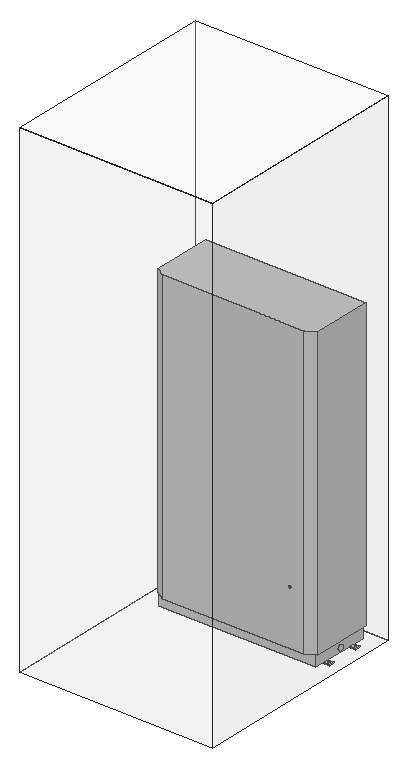
Revit family "pf-rp224_280ea5_60Hz", category 機械設備, Revit 2019
Family settings
  丸型コネクタ寸法 = 直径を使用
  パーツ タイプ = 標準
  OmniClass 番号 = 23.75.10.24.21.27.27
  OmniClass タイトル = Split System Air Conditioning Units
  作業面ベース = いいえ
  常に垂直 = はい
  ロード時にボイドで切り取り = いいえ
  共有 = いいえ
  部屋計算ポイント = いいえ
Parameters (values of type "PF-RP224EA5_60Hz")
  騒音レベル（静）(dB) = 65
  騒音レベル（強）(dB) = 68
  騒音レベル（弱）(dB) = 66
  騒音レベル（中）(dB) = 67
  風量（静）（m3／min） = 42
  風量（弱）（m3／min） = 46
  風量（中）（m3／min） = 49
  風量（m3／min） = 53
  風量 = MAX風量  # 3180.0 m³/h
  音響パワーレベル(dB) = 68
  電源種別 = ""
  電圧_電気ヒーター = 0 V
  電圧 = 200 V
  電動機出力_送風機 = 0.375 kW
  電動機出力_圧縮機 = 0 kW
  運転質量 = 0.00 kg
  連動 = ""
  質量 = if(製品質量 > 運転質量, 製品質量, 運転質量) * 1.2  # 120.00 kg
  負荷分類 = 3_ファン類
  説明 = "店舗・事務所用パッケージエアコン(Mr.SLIM) 床置形"
  設計暖房能力 [instance] = 0 kW
  設計冷房能力_顕熱 [instance] = 0 kW
  設計冷房能力 [instance] = 0 kW
  設置方法 = "床置形"
  記号 [instance] = ""
  製造元 = "三菱電機株式会社"
  製品質量 = 100.00 kg
  製品出荷対象 = "国内"
  製品リリース年月 = "2025/5/12"
  製品グループ = ""
  系統 [instance] = ""
  符号 = "PAC-FRV(J)"
  積算_科目 = "1 空気調和設備"
  積算_拾い区分 [instance] = ""
  相_電気ヒーター = 1
  相 = 1
  盤記号 [instance] = ""
  発停方法 = ""
  特殊仕様 [instance] = ""
  火災停止 = ""
  消費電力_電気ヒーター = 0 kW
  消費電力_暖房 = 0.3 kW
  消費電力_加湿器 = 0 kW
  消費電力_冷房 = 0.3 kW
  消費電力 = if(消費電力_冷房 > 消費電力_暖房, 消費電力_冷房, 消費電力_暖房) + 消費電力_加湿器 + 消費電力_電気ヒーター  # 0.3 kW
  法定耐用年数 = "15"
  機械基礎質量 [instance] = 0.00 kg
  機械基礎_W = 0 mm
  機械基礎_H = 0 mm
  機械基礎_D = 0 mm
  機械基礎 [instance] = no
  機外静圧 = 0.0 Pa
  極数 = 3
  材質 [instance] = ""
  本体マテリアル = none
  有効加湿量 = 0
  暖房能力 = 22.4 kW
  形式_加湿器 = ""
  形式 = "床置（露出）立形"
  幹線記号 [instance] = ""
  始動方式 = "直入"
  呼称 = "室内機_床置（露出）立形（直吹）"
  周波数 = 60 Hz
  台数_手元リモコン [instance] = ""
  台数_冷媒分岐ユニット [instance] = ""
  参照している仕様書等のバージョン = "公共建築工事標準仕様書（機械設備工事編）平成31年度版"
  加湿給水管径 = 0.00 mm
  分類コード = "50053003123100"
  分類グループ = ""
  冷房能力 = 20 kW
  冷媒高低圧ガス管径 = 0.00 mm
  冷媒管径符号 = "Bg"
  冷媒管径 = 100.00 mm
  冷媒液管径 = 9.52 mm
  冷媒ガス管径 = 25.40 mm
  価格 = 0
  企業コード = "108420"
  付属品_フィルター = ""
  付属品 [instance] = ""
  仕様書バージョン = "Version1.0"
  モデル = "PF-RP224EA5"
  ドレン管径 = 26.00 mm
  サービススペース = yes
  コメント [instance] = ""
  Keynote = ""
  Width = 985 mm
  Version = ""
  Uniclass2015Version = "Systems v1.9"
  Uniclass2015Title = "Split coil remote air cooled condensing units"
  Uniclass2015Code = "Pr_70_65_03_84"
  URL = "https://www.mitsubishielectric.co.jp/ldg/wink/qr/002/338248/"
  S寸法 = 50 mm
  SpecificationReference = ""
  SpecificationDescription = ""
  Revision = ""
  ProductInformation = ""
  OmniClassCode = "23-33 17 13 11"
  MIN風量2 = 風量（静）（m3／min） * 60.0 m³/h  # 2520.0 m³/h
  MIN風量 = 風量（弱）（m3／min） * 60.0 m³/h  # 2760.0 m³/h
  MID風量 = 風量（中）（m3／min） * 60.0 m³/h  # 2940.0 m³/h
  MAX風量 = 風量（m3／min） * 60.0 m³/h  # 3180.0 m³/h
  IfcTypeProduct = ""
  IfcProduct = ""
  IfcExportType = "AIRCONDITIONINGUNIT"
  IfcExportAs = "IfcUnitaryEquipmentType"
  Height = 1850 mm
  Depth = 400 mm
  Clearance Top = 300 mm
  Clearance Right = 100 mm
  Clearance Left = 100 mm
  Clearance Front = 900 mm
  Clearance Back = 50 mm
  COP = 0
  Author = "三菱電機株式会社"
  APF = 0
Types (2, lengths in mm): name | 騒音レベル（静）(dB) | 騒音レベル（強）(dB) | 騒音レベル（弱）(dB) | 騒音レベル（中）(dB) | 風量（静）（m3／min） | 風量（弱）（m3／min） | 風量（中）（m3／min） | 風量（m3／min） | 風量 | 音響パワーレベル(dB) | 質量 | 製品質量 | 消費電力_暖房 | 消費電力_冷房 | 消費電力 | 暖房能力 | 冷房能力 | 冷媒管径符号 | 冷媒液管径 | モデル | Width | URL | MIN風量2 | MIN風量 | MID風量 | MAX風量
  PF-RP280EA5_60Hz | 68 | 72 | 69 | 70 | 55 | 61 | 67 | 73 | 4380.0 m³/h | 72 | 133.20 kg | 111.00 kg | 0.5 kW | 0.5 kW | 0.5 kW | 28 kW | 25 kW | "Cg" | 12.70 | "PF-RP280EA5" | 1200 | "https://www.mitsubishielectric.co.jp/ldg/wink/qr/002/338249/" | 3300.0 m³/h | 3660.0 m³/h | 4020.0 m³/h | 4380.0 m³/h
  PF-RP224EA5_60Hz | 65 | 68 | 66 | 67 | 42 | 46 | 49 | 53 | 3180.0 m³/h | 68 | 120.00 kg | 100.00 kg | 0.3 kW | 0.3 kW | 0.3 kW | 22.4 kW | 20 kW | "Bg" | 9.52 | "PF-RP224EA5" | 985 | "https://www.mitsubishielectric.co.jp/ldg/wink/qr/002/338248/" | 2520.0 m³/h | 2760.0 m³/h | 2940.0 m³/h | 3180.0 m³/h
Reference planes
  plane 1: z = 0
  plane 2 "上": z = 1820
  plane 3: z = 1850
  plane 4: z = 0
  plane 5: z = 2150
  plane 6 "中心(左/右)": x = 0
  plane 7 "左": x = -492.5
  plane 8 "右": x = 492.5
  plane 9 "正面": y = -400
  plane 10 "背面": y = 0
  plane 11: y = -525
  plane 12: y = 50
  plane 13: x = -542.5
  plane 14: y = -450
  plane 15: y = 50
  plane 16: y = -1300
  plane 17: x = -592.5
  plane 18: x = 592.5
  plane 19: x = 542.5
  plane 20: y = -200
Lines and regions (mm)
  Masking region 1, detail levels coarse+medium
    outline origin (0, -255, 0) x (1, 0, 0) y (0, 1, 0)
      loop
        line (-492.5, -145) -> (492.5, -145) -> (492.5, 255) -> (-492.5, 255) -> (-492.5, -145)
Dimensions and locks
  locked: plane 3 to plane 2 "上" at 30
  "Height": plane 3 to plane 4
  "Clearance Top": plane 5 to plane 3
  "機械基礎_H": plane 4 to plane 1
  equal spacing: plane 7 "左", plane 6 "中心(左/右)", plane 8 "右"
  "Width": plane 7 "左" to plane 8 "右"
  plane 9 "正面" to plane 10 "背面" = 400 mm
  "Depth": plane 9 "正面" to plane 10 "背面"
  "S寸法": plane 10 "背面" to plane 12
  "S寸法": plane 14 to plane 9 "正面"
  "S寸法": plane 13 to plane 7 "左"
  "Clearance Left": plane 17 to plane 7 "左"
  "Clearance Right": plane 8 "右" to plane 18
  "Clearance Front": plane 16 to plane 9 "正面"
  "Clearance Back": plane 10 "背面" to plane 15
  "S寸法": plane 8 "右" to plane 19
  equal spacing: plane 9 "正面", plane 20, plane 10 "背面"
  aligned and locked: level to plane 1
  aligned and locked: plane 18 to nested 1
  aligned and locked: plane 16 to nested 1
  aligned and locked: nested 1 to plane 17
  aligned and locked: nested 1 to plane 15
  aligned and locked: plane 6 "中心(左/右)" to nested 2
  aligned and locked: plane 20 to nested 2
Automatic sketch dimensions
  Masking region 1 sketch curve to plane 7 "左" = 0 mm
  Masking region 1 sketch curve to plane 8 "右" = 0 mm
  plane 9 "正面" to Masking region 1 sketch curve = 0 mm
  plane 10 "背面" to Masking region 1 sketch curve = 0 mm
Nested families
  nested 1: "サービススペース(PF-RP-EA)" at (0, -625, 1500), visible <- "サービススペース", type "サービススペース(PF-RP-EA)"
    with Width 1185 mm, Height 3000 mm, Depth 1350 mm
  nested 2: "PF-RP-EA" at (0, -200, 0), ①奥行き <- "Depth", ①幅 <- "Width", ①高さ <- "Height", 配管径 <- "冷媒管径", type "PF-RP-EA"
    with 配管径 100 mm, 液W 130 mm, 液H 242 mm, 液D 118 mm, 吊りボルトW 1017 mm, 吊りボルトD 200 mm, ドレン径 30 mm, ドレンW 0 mm, ドレンH 33 mm, ドレンD 190 mm, ガスW 55 mm, ガスH 193 mm, ガスD 118 mm, ①高さ 1850 mm, ①幅 985 mm, ①奥行き 400 mm
Connectors
  piping at (492.5, -190, 33), diameter 26, driven by "ドレン管径"
    settings: on nested 2, index 1, connector inside diameter 609.60 mm, connector length 0 mm, flow factor 0, pipe flow 0.0 L/s, pressure drop 0.0 Pa, fitting loss kfactor 0, connector angle 0.00°, fixture units 0, engagement length 0 mm, angle of deflection 0.00°, flow configuration 1, flow direction 2, fitting loss method 4, system type 16, joint type 0, gender type 0, connector reference index -1, connector utility 0, adjustable connector no, is connector primary yes, connector description ""
  piping at (-335, -282, 193), diameter 100, driven by "冷媒管径", driven by "冷媒管径符号"
    settings: on nested 2, index 2, connector inside diameter 609.60 mm, connector length 0 mm, flow factor 0, pipe flow 0.0 L/s, pressure drop 0.0 Pa, fitting loss kfactor 0, connector angle 0.00°, fixture units 0, engagement length 0 mm, angle of deflection 0.00°, flow configuration 1, flow direction 1, fitting loss method 4, system type 7, joint type 0, gender type 0, connector reference index -1, connector utility 0, adjustable connector no, is connector primary no, connector description "Bg"
  piping at (-492.5, -190, 33), diameter 26, driven by "ドレン管径"
    settings: on nested 2, index 3, connector inside diameter 609.60 mm, connector length 0 mm, flow factor 0, pipe flow 0.0 L/s, pressure drop 0.0 Pa, fitting loss kfactor 0, connector angle 0.00°, fixture units 0, engagement length 0 mm, angle of deflection 0.00°, flow configuration 1, flow direction 2, fitting loss method 4, system type 16, joint type 0, gender type 0, connector reference index -1, connector utility 0, adjustable connector no, is connector primary no, connector description ""
  electrical at (346.555, -400, 408.118), driven by "極数", driven by "負荷分類", driven by "電圧", driven by "消費電力"
    settings: on nested 2, index 4, voltage 200 V, apparent load 300 VA, apparent load phase1 0 VA, apparent load phase2 0 VA, apparent load phase3 0 VA, power factor 1, load classification "3_ファン類", number of poles 3, system type 30, power factor state 1, is connector primary yes, connector utility no, sub classification motor no, connector description ""
Definition of nested family "サービススペース(PF-RP-EA)"
  Parameters (values of type "サービススペース")
    Width [instance] = 500 mm
    Height [instance] = 500 mm
    Depth [instance] = 500 mm
  Reference planes
    plane 1 "中心(正面/背面)": y = 0
    plane 2: z = 0
    plane 3 "中心(左/右)": x = 0
    plane 4: y = -250
    plane 5: x = 250
    plane 6: y = 250
    plane 7: x = -250
    plane 8: z = 250
    plane 9: z = -250
  Forms (mm)
    Extrusion 1, solid
      sketch origin (-638.939, 0, 72.39) x (1, 0, 0) y (0, 1, 0)
        loop
          line (388.939, 250) -> (388.939, -250) -> (888.939, -250) -> (888.939, 250) -> (388.939, 250)
      from -322.39 to 177.61
  Lines and regions (mm)
    symbolic lines
      curve 1: line (-250, 0, 250) -> (250, 0, 250)
      curve 2: line (-250, 0, -250) -> (-250, 0, 250)
      curve 3: line (250, 0, -250) -> (-250, 0, -250)
      curve 4: line (250, 0, 250) -> (250, 0, -250)
      curve 5: line (0, -250, 250) -> (0, 250, 250)
      curve 6: line (0, -250, -250) -> (0, -250, 250)
      curve 7: line (0, 250, -250) -> (0, -250, -250)
      curve 8: line (0, 250, 250) -> (0, 250, -250)
      curve 9: line (-250, 250, 0) -> (250, 250, 0)
      curve 10: line (-250, -250, 0) -> (-250, 250, 0)
      curve 11: line (250, -250, 0) -> (-250, -250, 0)
      curve 12: line (250, 250, 0) -> (250, -250, 0)
  Dimensions and locks
    equal spacing: plane 7, plane 3 "中心(左/右)", plane 5
    equal spacing: plane 4, plane 1 "中心(正面/背面)", plane 6
    "Depth": plane 4 to plane 6
    "Width": plane 7 to plane 5
    equal spacing: plane 8, plane 2, plane 9
    "Height": plane 8 to plane 9
    aligned and locked: plane 9 to curve 3
    aligned and locked: plane 7 to curve 2
    aligned and locked: curve 4 to plane 5
    aligned and locked: plane 5 to Extrusion 1
    aligned and locked: Extrusion 1 to plane 7
    aligned and locked: Extrusion 1 to plane 9
    aligned and locked: plane 8 to Extrusion 1
    aligned and locked: plane 9 to curve 7
  Automatic sketch dimensions
    plane 4 to Extrusion 1 sketch curve = 0 mm
    Extrusion 1 sketch curve to plane 7 = 0 mm
    Extrusion 1 sketch curve to plane 5 = 0 mm
    plane 6 to Extrusion 1 sketch curve = 0 mm
    curve 2 to plane 8 = 0 mm
    plane 4 to curve 11 = 0 mm
    curve 11 to plane 7 = 0 mm
    curve 11 to plane 5 = 0 mm
    plane 6 to curve 10 = 0 mm
    curve 7 to plane 4 = 0 mm
    curve 7 to plane 6 = 0 mm
    curve 6 to plane 8 = 0 mm
Definition of nested family "PF-RP-EA"
  Parameters (values of type "PF-RP-EA")
    配管径 [instance] = 100 mm
    液W [instance] = if(①幅 = 985 mm, 130 mm, 129 mm)  # 130 mm
    液H [instance] = 242 mm
    液D [instance] = 118 mm
    吊りボルトW [instance] = if(①幅 = 985 mm, 1017 mm, 1232 mm)  # 1017 mm
    吊りボルトD [instance] = 200 mm
    ドレン径 [instance] = 30 mm
    ドレンW [instance] = 0 mm
    ドレンH [instance] = 33 mm
    ドレンD [instance] = 190 mm
    ガスW [instance] = if(①幅 = 985 mm, 55 mm, 58 mm)  # 55 mm
    ガスH [instance] = 193 mm
    ガスD [instance] = 118 mm
    ①高さ [instance] = 1850 mm
    ①幅 [instance] = 985 mm
    ①奥行き [instance] = 400 mm
  Reference planes
    plane 1 "中心(正面/背面)": y = 0
    plane 2: z = 0
    plane 3 "中心(左/右)": x = 0
    plane 4: x = -492.5
    plane 5: x = 492.5
    plane 6: y = 200
    plane 7: y = -200
    plane 8: z = 1850
    plane 9: z = 1825
    plane 10: z = 1545
    plane 11: z = 1000
    plane 12: z = 915
    plane 13: z = 70
    plane 14: x = -482.5
    plane 15: x = 482.5
    plane 16: y = 190
    plane 17: y = -170
    plane 18: x = -432.5
    plane 19: x = 432.5
    plane 20: x = -362.5
    plane 21: x = -307.5
    plane 22: x = -335
    plane 23: y = -82
    plane 24: z = 193
    plane 25: z = 242
    plane 26: x = -508.5
    plane 27: x = 508.5
    plane 28: y = 100
    plane 29: y = -100
    plane 30: x = -522.5
    plane 31: x = 522.5
    plane 32: y = 115
    plane 33: y = 85
    plane 34: y = -115
    plane 35: y = -85
    plane 36: y = 10
    plane 37: z = 33
  Forms (mm)
    Extrusion 1, solid, detail levels fine
      sketch origin (0, 0, 0) x (1, 0, 0) y (0, 1, 0)
        loop
          line (-492.5, 200) -> (-492.5, -170) -> (-432.5, -200) -> (432.5, -200) -> (492.5, -170) -> (492.5, 200) -> (-492.5, 200)
      from 70 to 1850
    Extrusion 2, solid, detail levels fine
      sketch origin (0, 0, 0) x (1, 0, 0) y (0, 1, 0)
        loop
          line (-482.5, 190) -> (-482.5, -170) -> (482.5, -170) -> (482.5, 190) -> (-482.5, 190)
      from 0 to 70
    Extrusion 3, solid, detail levels fine
      sketch origin (0, 0, 0) x (1, 0, 0) y (0, 1, 0)
        loop
          circle (-335, -82) r 50
      from 193 to 242
    Extrusion 4, solid, detail levels fine
      sketch origin (0, 0, 0) x (1, 0, 0) y (0, 1, 0)
        loop
          line (-522.5, 115) -> (-522.5, 85) -> (-482.5, 85) -> (-482.5, 115) -> (-522.5, 115)
        loop
          circle (-508.5, 100) r 5
        loop
          line (522.5, 115) -> (482.5, 115) -> (482.5, 85) -> (522.5, 85) -> (522.5, 115)
        loop
          circle (508.5, 100) r 5
        loop
          line (-522.5, -85) -> (-522.5, -115) -> (-482.5, -115) -> (-482.5, -85) -> (-522.5, -85)
        loop
          circle (-508.5, -100) r 5
        loop
          line (522.5, -85) -> (482.5, -85) -> (482.5, -115) -> (522.5, -115) -> (522.5, -85)
        loop
          circle (508.5, -100) r 5
      from 0 to 5
    Extrusion 5, solid, detail levels fine
      sketch origin (0, 0, 0) x (0, 1, 0) y (0, 0, 1)
        loop
          circle (10, 33) r 15
      from 482.5 to 492.5
    Extrusion 6, solid, detail levels fine
      sketch origin (0, 0, 0) x (0, 1, 0) y (0, 0, -1)
        loop
          circle (10, -33) r 15
      from 482.5 to 492.5
    Extrusion 7, solid, detail levels fine
      sketch origin (434.716, -200, -2.741) x (-1, 0, 0) y (0, 0, -1)
        loop
          circle (88.162, -410.859) r 5
      from 0 to -2
  Dimensions and locks
    equal spacing: plane 7, plane 1 "中心(正面/背面)", plane 6
    "①奥行き": plane 7 to plane 6
    equal spacing: plane 4, plane 3 "中心(左/右)", plane 5
    "①幅": plane 4 to plane 5
    locked: plane 13 to level at 70
    locked: plane 12 to plane 13 at 845
    plane 11 to plane 12 = 85 mm
    locked: plane 10 to plane 11 at 545
    locked: plane 9 to plane 10 at 280
    locked: plane 8 to plane 9 at 25
    "①高さ": plane 8 to level
    locked: plane 4 to plane 14 at 10
    locked: plane 15 to plane 5 at 10
    locked: plane 16 to plane 6 at 10
    locked: plane 7 to plane 17 at 30
    locked: plane 4 to plane 18 at 60
    locked: plane 19 to plane 5 at 60
    locked: plane 7 to plane 23 at 118
    equal spacing: plane 20, plane 22, plane 21
    "液W": plane 4 to plane 20
    "ガスW": plane 20 to plane 21
    "ガスH": plane 24 to level
    "液H": plane 25 to level
    "吊りボルトD": plane 29 to plane 28
    "吊りボルトW": plane 26 to plane 27
    equal spacing: plane 26, plane 3 "中心(左/右)", plane 27
    locked: plane 28 to plane 6 at 100
    locked: plane 27 to plane 31 at 14
    locked: plane 30 to plane 26 at 14
    plane 34 to plane 29 to plane 35 = 15 mm locked, 15 mm locked
    plane 33 to plane 28 to plane 32 = 15 mm locked, 15 mm locked
    "ドレンD": plane 36 to plane 6
    "ドレンH": plane 37 to level
    "配管径": diameter of Extrusion 3 sketch curve
    "ドレン径": diameter of Extrusion 5 sketch curve
    "ドレン径": diameter of Extrusion 6 sketch curve
    aligned and locked: level to plane 2
    aligned and locked: plane 6 to Extrusion 1 sketch curve
    aligned and locked: Extrusion 1 sketch curve to plane 7
    aligned and locked: Extrusion 1 sketch curve to plane 5
    aligned and locked: plane 16 to Extrusion 2 sketch curve
    aligned and locked: plane 14 to Extrusion 2 sketch curve
    aligned and locked: Extrusion 2 sketch curve to plane 17
    aligned and locked: Extrusion 2 sketch curve to plane 15
    aligned and locked: plane 8 to Extrusion 1
    aligned and locked: Extrusion 1 to plane 13
    aligned and locked: plane 13 to Extrusion 2
    aligned and locked: plane 4 to Extrusion 1 sketch curve
    aligned and locked: plane 5 to Extrusion 1 sketch curve
    aligned and locked: plane 23 to Extrusion 3 sketch curve
    aligned and locked: plane 22 to Extrusion 3 sketch curve
    aligned and locked: Extrusion 3 to plane 24
    aligned and locked: plane 25 to Extrusion 3
    aligned and locked: plane 32 to Extrusion 4 sketch curve
    aligned and locked: plane 30 to Extrusion 4 sketch curve  (x2)
    aligned and locked: Extrusion 4 sketch curve to plane 33
    aligned and locked: plane 26 to Extrusion 4 sketch curve  (x2)
    aligned and locked: plane 28 to Extrusion 4 sketch curve  (x2)
    aligned and locked: plane 35 to Extrusion 4 sketch curve
    aligned and locked: Extrusion 4 sketch curve to plane 34
    aligned and locked: plane 29 to Extrusion 4 sketch curve  (x2)
    aligned and locked: plane 33 to Extrusion 4 sketch curve
    aligned and locked: Extrusion 4 sketch curve to plane 32
    aligned and locked: Extrusion 4 sketch curve to plane 35
    aligned and locked: plane 34 to Extrusion 4 sketch curve
    aligned and locked: plane 31 to Extrusion 4 sketch curve  (x2)
    aligned and locked: plane 27 to Extrusion 4 sketch curve  (x2)
    aligned and locked: Extrusion 4 sketch curve to plane 14  (x2)
    aligned and locked: Extrusion 4 sketch curve to plane 15  (x2)
    aligned and locked: plane 26 to nested 1
    aligned and locked: plane 27 to nested 1
    aligned and locked: plane 29 to nested 1
    aligned and locked: nested 1 to plane 28
    aligned and locked: plane 36 to Extrusion 5 sketch curve
    aligned and locked: plane 37 to Extrusion 5 sketch curve
    aligned and locked: plane 5 to Extrusion 5
    aligned and locked: Extrusion 5 to plane 15
    aligned and locked: Extrusion 6 to plane 4
    aligned and locked: plane 14 to Extrusion 6
    aligned and locked: plane 37 to Extrusion 6 sketch curve
    aligned and locked: plane 36 to Extrusion 6 sketch curve
  Automatic sketch dimensions
    Extrusion 1 sketch curve to plane 18 = 0 mm
    Extrusion 1 sketch curve to plane 19 = 0 mm
    plane 17 to Extrusion 1 sketch curve = 0 mm  (x2)
    Extrusion 7 sketch curve to Extrusion 1 = 85.945 mm
    Extrusion 1 to Extrusion 7 sketch curve = 338.118 mm
    radius of Extrusion 4 sketch curve = 5 mm  (x4)
    radius of Extrusion 7 sketch curve = 5 mm
  Nested families
    nested 1: "固定点" at (-508.5, -100, 0), type "固定点"
      with W 1017 mm, D 200 mm
  Definition of nested family "固定点"
    Parameters (values of type "固定点")
      中心円 = 20 mm
      W [instance] = 1000 mm
      D [instance] = 1000 mm
    Reference planes
      plane 1 "中心(正面/背面)": y = 0
      plane 2: z = 0
      plane 3 "中心(左/右)": x = 0
      plane 4: x = 1000
      plane 5: y = 1000
    Lines and regions (mm)
      symbolic lines, detail levels fine
        curve 1: circle (0, 1000, 0) r 10 normal (0, 0, 1)
        curve 2: circle (0, 0, 0) r 10 normal (0, 0, 1)
        curve 3: circle (1000, 1000, 0) r 10 normal (0, 0, 1)
        curve 4: circle (1000, 0, 0) r 10 normal (0, 0, 1)
        curve 5: line (-200, 1000, 0) -> (1200, 1000, 0)
        curve 6: line (-200, 0, 0) -> (1200, 0, 0)
        curve 7: line (0, 1200, 0) -> (0, -200, 0)
        curve 8: line (1000, 1200, 0) -> (1000, -200, 0)
    Dimensions and locks
      "W": plane 3 "中心(左/右)" to plane 4
      "D": plane 1 "中心(正面/背面)" to plane 5
      "中心円": diameter of curve 1
      "中心円": diameter of curve 2
      "中心円": diameter of curve 3
      "中心円": diameter of curve 4
      aligned and locked: level to plane 2
      aligned and locked: plane 5 to curve 1
      aligned and locked: plane 3 "中心(左/右)" to curve 1
      aligned and locked: plane 3 "中心(左/右)" to curve 2
      aligned and locked: plane 1 "中心(正面/背面)" to curve 2
      aligned and locked: plane 4 to curve 3
      aligned and locked: plane 5 to curve 3
      aligned and locked: plane 1 "中心(正面/背面)" to curve 4
      aligned and locked: plane 4 to curve 4
      aligned and locked: plane 1 "中心(正面/背面)" to curve 6
      aligned and locked: curve 7 to plane 3 "中心(左/右)"
      aligned and locked: curve 8 to plane 4
    Automatic sketch dimensions
      curve 5 to plane 5 = 0 mm
      curve 6 to plane 3 "中心(左/右)" = 200 mm
      curve 5 to plane 3 "中心(左/右)" = 200 mm
      curve 4 to curve 6 = 200 mm
      curve 3 to curve 5 = 200 mm
      plane 1 "中心(正面/背面)" to curve 8 = 200 mm
      plane 1 "中心(正面/背面)" to curve 7 = 200 mm
      curve 3 to curve 8 = 200 mm
      curve 1 to curve 7 = 200 mm
